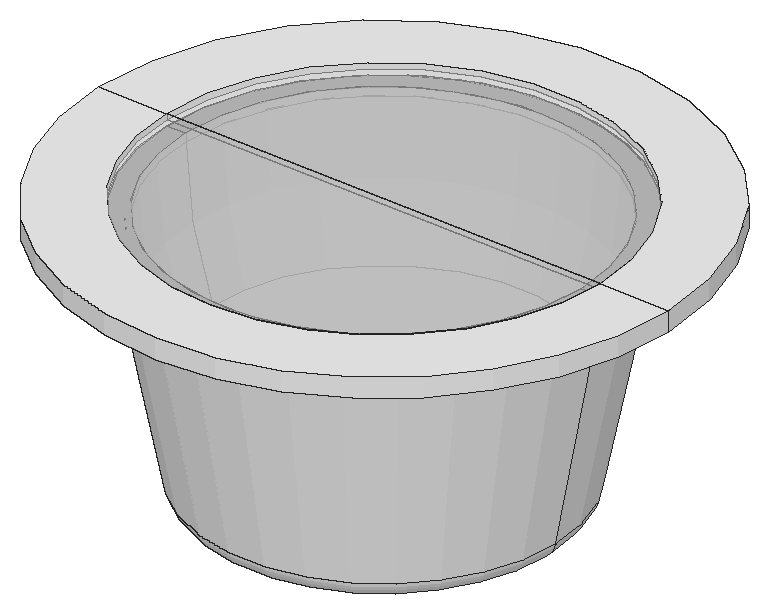
Revit family "2059129+2028034 Sylvania Lighting Fixture ASCT100 ARCH HO 4K SSC01 160 with IP44 Clear Glass", category Lighting Fixtures, host Face, Revit 2016
Family settings
  Host = Face
  Part Type = Normal
  Round Connector Dimension = Use Diameter
  OmniClass Number = 23.80.70.11.17
  OmniClass Title = Specialized Lighting by Location or Use
  Cut with Voids When Loaded = No
  Light Source = Yes
  Shared = No
  Room Calculation Point = No
Parameters (values of type "2059129+2028034 ASCT100 ARCH HO 4K SSC01 160 with IP44 Clear Glass")
  WidthBezelAcc_SYL = 25.0 mm
  Weight = "1.4 kg"
  Wattage = 17 W
  WarrantyStartDate [instance] = "n/a"
  WarrantyGuarantorParts = "n/a"
  WarrantyDurationUnit = "n/a"
  WarrantyDurationParts = "n/a"
  WarrantyDescription = "n/a"
  built-in parameter 1150110 = 1 (stored number, unit not read)
  Voltage = 0 V
  VisibilityAccessory_SYL = yes
  TypeName = "ASCT100 ARCH HO 4K SSC01 160"
  built-in parameter 1114217 = 1 (stored number, unit not read)
  Tilt Angle = -90°
  built-in parameter 1150109 = 1 (stored number, unit not read)
  built-in parameter 1150134 = 12
  built-in parameter 1150113 = 1 (stored number, unit not read)
  SerialNumber [instance] = "n/a"
  ReflectorRadius_SYL = Radius_SYL - 14.5 mm  # 80.0 mm
  RadiusAcc_SYL = 105.0 mm
  Radius_SYL = 94.5 mm
  URL = "http://www.sylvania-lighting.com"
  PowerFactor = 0.96
  PowerConsumption = "17 W"
  Photometric Web File = "2059129.ies"
  NominalWidth = 0.0 mm
  NominalLength = 0.0 mm
  NominalHeight = 94.0 mm
  Name = "ASCT100 ARCH HO 4K SSC01 160"
  ModelReference = "ASCT100 ARCH HO 4K SSC01 160"
  ModelNumber = "2059129+2028034"
  Material_4_SYL = none
  Material_3_SYL = Polycarbonate_Sylvania_Ascent_Clear
  Material_2_SYL = Aluminium_Sylvania_Ascent_Silver
  Material_1_SYL = Aluminum_Sylvania_Ascent_White
  Material = "aluminium housing, arcylic diffuser"
  ManufacturerName = "Feilo Sylvania"
  LuminousEfficacy = "113 lm/W"
  built-in parameter 1150105 = 152.87 (stored number, unit not read)
  Lumens = 1921 lm
  LuminaireType = ""
  built-in parameter 1150115 = 1 (stored number, unit not read)
  LightOutputRatio = "100"
  built-in parameter 1150137 = (empty or 0)
  built-in parameter 1150139 = (empty or 0)
  LampsType = Lamp  # "LED"
  LampNominalLuminous = "1921 lm"
  LampMacAdamStep = "3"
  LampColourTemperature = "4000 K"
  LampColourRenderingIndex = "80"
  built-in parameter 1150112 = 1 (stored number, unit not read)
  built-in parameter 1150114 = 1 (stored number, unit not read)
  Keynote = "16500"
  InstallationDate [instance] = "n/a"
  InputVoltage = "n/a"
  InputNominalFrequency = "n/a"
  built-in parameter 1150132 = (empty or 0)
  built-in parameter 1150102 = (empty or 0)
  built-in parameter 1150107 = 4000 (stored number, unit not read)
  built-in parameter 1150138 = (empty or 0)
  IngressProtection = "IP44"
  ImpactProtectionIndex = "IK02"
  built-in parameter 1150106 = 1.5287 (stored number, unit not read)
  IfcExportType = "IfcLightFixtureType"
  IfcExportAs = "IfcLightFixtureType"
  Height_SYL = 94.0 mm
  HeightAcc_SYL = 7.0 mm
  ExpectedLife = 50000
  EmittionSurface_SYL = if(VisibilityAccessory_SYL, 7.0 mm, 3.0 mm)  # 7.0 mm
  Emit from Circle Diameter = DiffuserRadius_SYL * 2  # 146.0 mm
  Emit Shape Visible in Rendering = no
  ElectricShockClassification = "Class II"
  built-in parameter 1150104 = 10.498 (stored number, unit not read)
  DurationUnit = "hours"
  DocumentationLiterature = "http://www.sylvania-lighting.com/product/en-int/products/2059129"
  DimmingControlOptions = "n/a"
  Dimming Lamp Color Temperature Shift = <None>
  DiffuserRadius_SYL = ReflectorRadius_SYL - 7.0 mm  # 73.0 mm
  Diameter_SYL = 2 * Radius_SYL  # 189.0 mm
  CutoutDiameter_SYL = Diameter_SYL - 13.0 mm  # 176.0 mm
  CreatedOn = "9/17/2018"
  CreatedBy = "@sylvania-lighting.com"
  Color Filter = 16777215
  built-in parameter 1114216 [instance] = 1 (stored number, unit not read)
  Model = "ASCT100 ARCH HO 4K SSC01 160"
  Manufacturer = "Feilo Sylvania"
  Lamp = "LED"
  Description = "Direct LED retro fit for original LED 100 Arch (160) single CFL lamp offering Matching lumen levels and improved light distribution of original LED 100 CFL lamp equivalents Typically half the power consumption compared to CFL Up to 112lm/W 160mm aperture Architectural reflector accepts range of glass accessories from existing LED 100 Arch 160 offering HE, HO and VHO versions equivalent of single 1 x 18W, 1 x 32W, 1 x 42W\r\n Additional VVHO versions which offer the performance circa 2 x 32W equivalent"  # constant formula
  Default Elevation = 0.0 mm
  built-in parameter 1140040 [instance] = 1
  BarCode [instance] = "n/a"
  built-in parameter 1114218 = 1 (stored number, unit not read)
  built-in parameter 1150133 = 10 (stored number, unit not read)
  AssetType = "Fixed"
  AssetIdentifier [instance] = "n/a"
  Assembly Code = "D5020200"
  Apparent Load = 17 VA
  Aperture_SYL = 2 * ReflectorRadius_SYL  # 160.0 mm
Reference planes
  plane 1 "Center (Front/Back)": y = 0
  plane 2: z = 0
  plane 3 "Center (Left/Right)": x = 0
  plane 4 "Fixture Bottom": z = 3
  plane 5: z = -52.5
  plane 6 "Fixture Top": z = -91
  plane 7: x = -105
  plane 8: z = 7
  plane 9: x = -80
  plane 10: z = 5
  plane 11: x = -103
Forms (mm)
  Extrusion 1, solid, material "Aluminum_Sylvania_Ascent_White", detail levels fine
    sketch origin (0, 0, 0) x (1, 0, 0) y (0, 1, 0)
      loop
        circle (0, 0) r 94.5
      loop
        circle (0, 0) r 80
    from 0 to 3
  Extrusion 2, void
    sketch origin (0, 0, 0) x (1, 0, 0) y (0, 1, 0)
      loop
        circle (0, 0) r 88
    from -91 to 3
  Revolve 3, solid, material "Aluminum_Sylvania_Ascent_White" <- "Material_1_SYL", detail levels fine
    sketch origin (0, 0, 0) x (1, 0, 0) y (0, 0, 1)
      loop
        line (0, -91.073) -> (0, -89.023) -> (-55.468, -89.014)
        arc (-55.468, -89.014) -> (-59.352, -87.613) -> (-61.54, -84.139) r 6.307
        line (-61.54, -84.139) -> (-77.991, -2.844) -> (-77.991, 0) -> (-80, 0) -> (-80, -3) -> (-63.5, -84.536)
        arc (-63.5, -84.536) -> (-60.643, -89.203) -> (-55.5, -91.073) r 8.291
        line (-55.5, -91.073) -> (0, -91.073)
      axis (0, 0) -> (0, -91.073)
    angle from 0 to 360
  Revolve 4, solid, material "Aluminium_Sylvania_Ascent_Silver" <- "Material_2_SYL", detail levels fine
    sketch origin (0, 0, 0) x (1, 0, 0) y (0, 0, 1)
      loop
        line (-80, 3) -> (-80, 0) -> (-75, 0)
        arc (-75, 0) -> (-72.349, -26.77) -> (-64.5, -52.5) r 136.5
        line (-64.5, -52.5) -> (-58, -52.5)
        arc (-58, -52.5) -> (-56.857, -61.521) -> (-53.5, -69.971) r 36.166
        line (-53.5, -69.971) -> (0, -69.971) -> (0, -50.5) -> (-63.16, -50.5)
        arc (-63.16, -50.5) -> (-70.517, -25.725) -> (-73, 0) r 134.5
        line (-73, 0) -> (-73, 3) -> (-80, 3)
      axis (0, 3) -> (0, -69.971)
    angle from 0 to 360
  Extrusion 5, solid, material "Polycarbonate_Sylvania_Ascent_Clear" <- "Material_3_SYL", detail levels fine
    sketch origin (0, 0, 0) x (1, 0, 0) y (0, 1, 0)
      loop
        circle (0, 0) r 73
    from 0 to 3
  Revolve 6, solid, material "Aluminum_Sylvania_Ascent_White" <- "Material_1_SYL", detail levels coarse+medium
    sketch origin (0, 0, 0) x (1, 0, 0) y (0, 0, 1)
      loop
        line (0, -91.073) -> (0, 3) -> (-94.5, 3) -> (-94.5, 0) -> (-79.5, 0) -> (-79.5, -3) -> (-63, -84.536)
        arc (-63, -84.536) -> (-60.143, -89.203) -> (-55, -91.073) r 8.291
        line (-55, -91.073) -> (0, -91.073)
      axis (0, 3) -> (0, -91.073)
    angle from 0 to 360
  Revolve 7, solid, material "Aluminum_Sylvania_Ascent_White" <- "Material_1_SYL", visible <- "VisibilityAccessory_SYL"
    sketch origin (0, 0, 0) x (1, 0, 0) y (0, 0, 1)
      loop
        line (-105, 0) -> (-103, 0) -> (-103, 5) -> (-80, 5) -> (-80, 7) -> (-105, 7) -> (-105, 0)
      axis (0, 7) -> (0, 0)
    angle from 0 to 360
  Revolve 8, solid, material "Polycarbonate_Sylvania_Ascent_Clear" <- "Material_3_SYL", visible <- "VisibilityAccessory_SYL"
    sketch origin (0, 0, 0) x (1, 0, 0) y (0, 0, 1)
      loop
        line (-80, 7) -> (-80, 5) -> (0, 5) -> (0, 7) -> (-80, 7)
      axis (0, 7) -> (0, 5)
    angle from 0 to 360
Lines and regions (mm)
  reference lines
    curve 1: line (-150, 0, 7) -> (125, 0, 7)
Dimensions and locks
  locked: plane 4 "Fixture Bottom" to plane 2 at 3
  "Height_SYL": plane 4 "Fixture Bottom" to plane 6 "Fixture Top"
  "ReflectorRadius_SYL": plane 3 "Center (Left/Right)" to Revolve 4 sketch curve
  locked: Revolve 4 sketch curve to Revolve 4 sketch curve at 15.5
  locked: Revolve 4 sketch curve to Revolve 4 sketch curve at 5
  locked: Revolve 4 sketch curve to Revolve 4 sketch curve at 7
  locked: Revolve 4 sketch curve to Revolve 4 sketch curve at 22
  locked: Revolve 4 sketch curve to Revolve 4 sketch curve at 26.5
  locked: Revolve 3 sketch curve to Revolve 3 sketch curve at 16.5
  locked: Revolve 3 sketch curve to Revolve 3 sketch curve at 24.5
  "ReflectorRadius_SYL": Revolve 3 sketch curve to plane 3 "Center (Left/Right)"
  locked: Revolve 3 sketch curve to plane 6 "Fixture Top" at 6.464
  locked: plane 2 to Revolve 3 sketch curve at 3
  locked: Revolve 3 sketch curve to Revolve 3 sketch curve at 2
  locked: Revolve 3 sketch curve to Revolve 3 sketch curve at 2.009
  locked: plane 2 to plane 5 at 52.5
  locked: Revolve 6 sketch curve to Revolve 6 sketch curve at 31.5
  locked: Revolve 6 sketch curve to Revolve 6 sketch curve at 39.5
  locked: Revolve 6 sketch curve to Revolve 6 sketch curve at 15
  "Radius_SYL": plane 3 "Center (Left/Right)" to Revolve 6 sketch curve
  "RadiusAcc_SYL": plane 3 "Center (Left/Right)" to plane 7
  "HeightAcc_SYL": plane 8 to level
  "WidthBezelAcc_SYL": plane 7 to plane 9
  locked: plane 7 to plane 11 at 2
  locked: plane 8 to plane 10 at 2
  "EmittionSurface_SYL": curve 1 to level
  "CutoutDiameter_SYL": diameter of Extrusion 2 sketch curve
  "ReflectorRadius_SYL": radius of Extrusion 1 sketch curve
  "DiffuserRadius_SYL": radius of Extrusion 5 sketch curve
  "Radius_SYL": radius of Extrusion 1 sketch curve
  aligned and locked: host face to plane 2
  aligned and locked: host face to level
  aligned and locked: plane 4 "Fixture Bottom" to Extrusion 1
  aligned and locked: Extrusion 1 to plane 2
  aligned and locked: Revolve 3 sketch curve to plane 3 "Center (Left/Right)"
  aligned and locked: Revolve 4 sketch curve to plane 3 "Center (Left/Right)"  (x2)
  aligned and locked: plane 4 "Fixture Bottom" to Revolve 4 sketch curve
  aligned and locked: Extrusion 5 to plane 2
  aligned and locked: plane 2 to Revolve 3 sketch curve  (x2)
  aligned and locked: Revolve 6 sketch curve to plane 3 "Center (Left/Right)"
  aligned and locked: plane 6 "Fixture Top" to Extrusion 2
  aligned and locked: Revolve 7 sketch curve to plane 3 "Center (Left/Right)"
  aligned and locked: host face to Revolve 7 sketch curve  (x2)
  aligned and locked: Revolve 7 sketch curve to plane 7
  aligned and locked: plane 8 to Revolve 7 sketch curve
  aligned and locked: plane 9 to Revolve 7 sketch curve
  aligned and locked: Revolve 7 sketch curve to plane 10
  aligned and locked: plane 11 to Revolve 7 sketch curve
  aligned and locked: Revolve 7 to Revolve 8 sketch curve
  aligned and locked: Revolve 8 sketch curve to Revolve 7  (x2)
  aligned and locked: Revolve 8 sketch curve to plane 3 "Center (Left/Right)"  (x2)
  aligned and locked: plane 3 "Center (Left/Right)" to imposter light
  aligned and locked: imposter light to plane 1 "Center (Front/Back)"
  aligned and locked: imposter light to curve 1
Automatic sketch dimensions
  plane 1 "Center (Front/Back)" to Extrusion 2 sketch curve = 0.0 mm
  Extrusion 2 sketch curve to plane 3 "Center (Left/Right)" = 0.0 mm
  Extrusion 1 sketch curve to Extrusion 1 sketch curve = 0.0 mm  (x2)
  plane 1 "Center (Front/Back)" to Extrusion 1 sketch curve = 0.0 mm
  Extrusion 1 sketch curve to plane 3 "Center (Left/Right)" = 0.0 mm
  plane 6 "Fixture Top" to Revolve 3 sketch curve = 0.073 mm
  Revolve 3 sketch curve to plane 6 "Fixture Top" = 6.861 mm
  Revolve 3 sketch curve to Revolve 3 sketch curve = 0.003 mm
  Revolve 3 sketch curve to Revolve 3 sketch curve = 0.009 mm  (x2)
  Revolve 3 sketch curve to Revolve 3 sketch curve = 0.023 mm
  Revolve 3 sketch curve to Revolve 3 sketch curve = 0.072 mm
  Revolve 3 sketch curve to Revolve 3 sketch curve = 0.008 mm
  Revolve 3 sketch curve to plane 6 "Fixture Top" = 1.977 mm
  Revolve 3 sketch curve to Revolve 3 sketch curve = 33.496 mm
  Revolve 3 sketch curve to Revolve 3 sketch curve = 0.028 mm
  plane 4 "Fixture Bottom" to Revolve 3 sketch curve = 82.431 mm
  Revolve 4 sketch curve to Revolve 4 sketch curve = 0.0 mm  (x2)
  Revolve 4 sketch curve to plane 5 = 0.0 mm
  Revolve 4 sketch curve to level = 0.0 mm
  plane 5 to Revolve 4 sketch curve = 2.0 mm
  plane 4 "Fixture Bottom" to Revolve 4 sketch curve = 9.642 mm
  plane 1 "Center (Front/Back)" to Extrusion 5 sketch curve = 0.0 mm
  Extrusion 5 sketch curve to plane 3 "Center (Left/Right)" = 0.0 mm
  Revolve 4 sketch curve to level = 69.971 mm
  Revolve 4 sketch curve to Revolve 4 sketch curve = 2.387 mm
  Revolve 6 sketch curve to level = 0.0 mm
  Revolve 6 sketch curve to plane 3 "Center (Left/Right)" = 0.0 mm
  Revolve 6 sketch curve to Revolve 6 sketch curve = 8.104 mm
  Revolve 6 sketch curve to level = 3.0 mm
  Revolve 6 sketch curve to plane 6 "Fixture Top" = 6.464 mm
  plane 6 "Fixture Top" to Revolve 6 sketch curve = 0.073 mm
  Revolve 6 sketch curve to Revolve 6 sketch curve = 33.496 mm
  plane 4 "Fixture Bottom" to Revolve 6 sketch curve = 82.431 mm
  host sketch curve to host sketch curve = 1704.996 mm
  host sketch curve to host sketch curve = 1500.0 mm
  plane 6 "Fixture Top" to Revolve 7 sketch curve = 281.274 mm
  Revolve 7 sketch curve to plane 8 = 1140.706 mm
  plane 6 "Fixture Top" to Revolve 8 sketch curve = 281.274 mm
  Revolve 8 sketch curve to Revolve 8 sketch curve = 1140.706 mm
  Revolve 3 sketch curve to plane 3 "Center (Left/Right)" = 0.0 mm
  Revolve 6 sketch curve to plane 4 "Fixture Bottom" = 0.0 mm
  plane 7 to curve 1 = 45.0 mm
  plane 3 "Center (Left/Right)" to curve 1 = 125.0 mm
Connectors
  electrical at (0, 0, -91.073), driven by "Apparent Load"
    settings: on Revolve 3, index 1, voltage 240 V, apparent load 0 VA, apparent load phase1 17 VA, apparent load phase2 0 VA, apparent load phase3 0 VA, power factor 1, load classification "Lighting", number of poles 1, system type 31, power factor state 1, is connector primary yes, connector utility no, sub classification motor no, connector description ""
